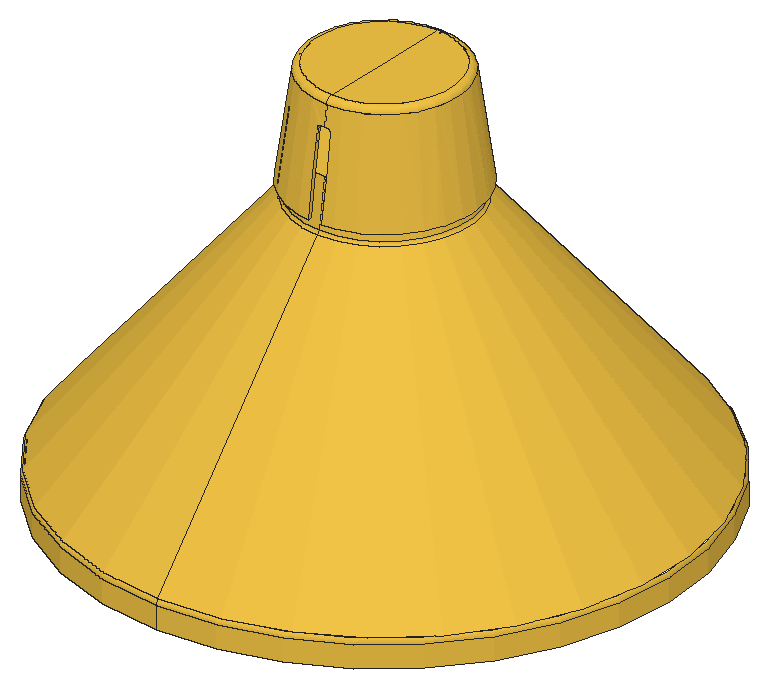
Revit family "Lighting_Pendants_Zero_Daikanyama_Wire", category Lighting Fixtures, Revit 2020
Family settings
  Round Connector Dimension = Use Diameter
  Part Type = Normal
  OmniClass Number = 23.80.70.00
  OmniClass Title = Lighting
  Work Plane-Based = No
  Always vertical = Yes
  Cut with Voids When Loaded = No
  Light Source = Yes
  Shared = No
  Room Calculation Point = No
Parameters (values of type "Daikanyama wire LED 10W/E27")
  Youtube clip = ""
  Weight Net (Kg) = "1.8"
  Wattage = 3.55455 W
  WarrantyStartDate [instance] = "n/a"
  WarrantyGuarantorParts = "n/a"
  WarrantyGuarantorLabor = "n/a"
  WarrantyDurationUnit = "Year"
  WarrantyDurationParts = "n/a"
  WarrantyDurationLabor = "n/a"
  WarrantyDescription = "n/a"
  built-in parameter 1150110 = 1 (stored number, unit not read)
  VersionDate = "31/08/2023"  # constant formula
  Version = "3"  # constant formula
  UsageCurrent = 0 A
  Uniformat II Description = ""
  Uniformat II Code = ""
  Uniclass2015Reference = "Pr_70_70_48_86"
  Uniclass2015Description = "Suspended luminaires"
  Uniclass2 = "Pr_70_70_49_86"
  Uniclass 2015 Name = ""
  Uniclass 2015 Code = ""
  Uniclass 2.0 Description = ""
  Uniclass 2.0 Code = ""
  Uniclass 1.4 Description = ""
  Uniclass 1.4 Code = ""
  URL = "https://www.zerolighting.com/daikanyamavajer-inompe/"
  UNSPSC Code = ""
  TotalWattage = 10 W
  built-in parameter 1114217 = 1 (stored number, unit not read)
  Tilt Angle = 90.00°
  built-in parameter 1150109 = 1 (stored number, unit not read)
  built-in parameter 1150134 = (empty or 0)
  Technical description = ""
  TagNumber [instance] = "n/a"
  SustainabilityPerformance = "n/a"
  built-in parameter 1150113 = 1 (stored number, unit not read)
  Size = "420x420x285 mm"
  Shape = "Cone"
  SerialNumber [instance] = "n/a"
  Revision = "5"  # constant formula
  ReplacementCost = "n/a"
  Region South America = "None"
  Region Oceania = "AU, NZ"
  Region North America = "BZ, CR, GT, HN, MX, NI, PA, SV, US"
  Region Middle East = "AE"
  Region Europe = "AD, AL, AT, AX, BA, BE, BG, BY, CH, CY, CZ, DE, DK, EE, ES, FI, FO, FR, GB, GG, GI, GR, HR, HU, IE, IM, IS, IT, JE, LI, LT, LU, LV, MC, MD, ME, MK, MT, NL, NO, PL, PT, RO, RS, RU, SE, SI, SJ, SK, SM, UA, VA"
  Region Asia = "HK, JP, SG"
  Region Antarctica = "None"
  Region Africa = "None"
  ProductInformation = "City has a wide range of applications: outdoor or indoor, enhancing retail environments, industries and public transport."
  Product group = "Wire pendant"
  Product family = "Daikanyama"
  Product certification = ""
  Product SKU = "Daikanyama_wire_mounted"
  Product Guid = "5e226d7e-beeb-4c45-8ee8-a3509d146118"
  Photometric Web File = "Daikanyama8265_IES.IES"
  PhaseReference = "n/a"
  PhaseAngle = 0.00°
  OmniClass Description = ""
  OmniClass Code = ""
  NumberOfSources = 0
  NumberOfPoles = 1
  Note = "Article numbers change according shade colors.XX = -01 White, -06 Black, -07 Red, -14 Yellow, -41 Orange."
  NominalVoltageCalc = 0 V
  NominalVoltage = 230 V
  NominalRadius = 210 mm
  NominalLength = 420 mm
  NominalFrequencyRange = 50 Hz
  NominalDiameter = 420 mm
  NominalCurrent = 0 A
  Nominal width = 420 mm
  Nominal height = 285 mm
  Name = "Zero_Daikanyama_Wire"  # constant formula
  NBSReference = "90-60-50/405"
  NBSDescription = "General purpose luminaires"
  NBS Reference Description = ""
  NBS Reference Code = ""
  ModelReference = "n/a"
  ModelNumber = "8265-1-XX"
  Model = "Daikanyama wire LED 10W/E27"
  Material secondary = "Glass"
  Material main = "Aluminium"
  Material = "Metal and glass"
  Masterformat 2014 Description = ""
  Masterformat 2014 Code = ""
  ManufacturersSpecificInformation = "n/a"
  ManufacturerURL = "https://www.zerolighting.com/"
  ManufacturerName = "Zero"
  Manufacturer name = "ZERO"
  Manufacturer country = "Sweden"
  Manufacturer = "Zero"
  MaintenanceFactor = 0
  Lumens = 528 lm
  built-in parameter 1150115 = 1 (stored number, unit not read)
  built-in parameter 1150105 = 42.017 (stored number, unit not read)
  LightFixturePlacingType = "Other"
  LightFixtureMountingType = "Suspended"
  LightFixtureMainMaterial [instance] = Yellow RAL 1023
  built-in parameter 1150137 = (empty or 0)
  built-in parameter 1150139 = (empty or 0)
  LensMaterial = Glass, Frosted
  built-in parameter 1150112 = 1 (stored number, unit not read)
  built-in parameter 1150114 = 1 (stored number, unit not read)
  InsulationStandardClass = "n/a"
  InstallationDate [instance] = "n/a"
  Installation instructions = ""
  built-in parameter 1150132 = 2
  built-in parameter 1150102 = (empty or 0)
  built-in parameter 1150138 = (empty or 0)
  built-in parameter 1150107 = 3000 (stored number, unit not read)
  built-in parameter 1150106 = 0.42017 (stored number, unit not read)
  IfcExportType = "NOTDEFINED"  # constant formula
  IfcExportAs = "IfcLightFixtureType"  # constant formula
  IP_Code = "IP20"
  IFC Classification = ""
  HasProtectiveEarth = no
  Grade = "n/a"
  GTIN code = ""
  Finish = "Painted aluminium. Diffuser in opal glass."
  Features = "Terminal block 5x4mm2. Excluding cable. Double conduit entry."
  ExpectedLife = "n/a"
  ElectricalDeviceNominalPower = 0
  built-in parameter 1150104 = 13.8 (stored number, unit not read)
  Edition number = 1
  EANNumber = "n/a"
  DurationUnit = "Year"
  Dimming Lamp Color Temperature Shift = <None>
  Designer = "Thomas Bernstrand"
  Design country = "Sweden"
  Description = ""
  DefaultElevation = 0 mm
  Default Elevation = 0 mm
  Date of publishing = ""
  Constituents = "Wire, turnbuckle, French screw, wire-lock."
  Color Filter = 16777215
  Color = "Black, orange, red, white or yellow"
  Collection = "Daikanyama"
  CodePerformance = "n/a"
  Category = "Wire"
  COBIe Type Category = ""
  Brand url = "http://www.zero.se"
  Brand = "Zero"
  Barcode [instance] = "n/a"
  built-in parameter 1114218 = 1 (stored number, unit not read)
  BIMObjectName = "Lighting_Pendants_Zero_Daikanyama_Wire"  # constant formula
  Author = "BIMstone"  # constant formula
  built-in parameter 1150133 = 10 (stored number, unit not read)
  AssetType = "Fixed"
  AssetIdentifier [instance] = "n/a"
  ArticleNumber = "8265-1-XX"
  AccessibilityPerformance = "n/a"
Types (2, lengths in mm): name | TotalWattage | ModelNumber | Model | ArticleNumber
  Daikanyama wire E27/Max 42W | 42 W | "8252-1-XX" | "Daikanyama wire E27/Max 42W" | "8252-1-XX"
  Daikanyama wire LED 10W/E27 | 10 W | "8265-1-XX" | "Daikanyama wire LED 10W/E27" | "8265-1-XX"
Reference planes
  plane 1 "Light Source Axis (F/B)": y = 0
  plane 2: z = 0
  plane 3 "Light Source Axis (L/R)": x = 0
  plane 4 "Light Source Elevation": z = 120
  plane 5: y = 210
  plane 6: y = -210
  plane 7: x = 210
  plane 8: x = -210
  plane 9: z = 285
Forms (mm)
  Extrusion 1, solid, material "Yellow RAL 1023" <- "LightFixtureMainMaterial", detail levels coarse
    sketch origin (0, 0, 0) x (1, 0, 0) y (0, 1, 0)
      loop
        line (-210, -210) -> (210, -210) -> (210, 210) -> (-210, 210) -> (-210, -210)
    from 0 to 285
Dimensions and locks
  equal spacing: plane 8, plane 3 "Light Source Axis (L/R)", plane 7
  "NominalLength": plane 8 to plane 7
  equal spacing: plane 5, plane 1 "Light Source Axis (F/B)", plane 6
  plane 5 to plane 6 = 420 mm
  plane 9 to level = 285 mm
  aligned and locked: plane 3 "Light Source Axis (L/R)" to imposter light
  aligned and locked: plane 1 "Light Source Axis (F/B)" to imposter light
  aligned and locked: plane 4 "Light Source Elevation" to imposter light
  aligned and locked: level to plane 2
  aligned and locked: plane 9 to Extrusion 1
  aligned and locked: Extrusion 1 to level
Automatic sketch dimensions
  Extrusion 1 sketch curve to plane 5 = 0 mm
  Extrusion 1 sketch curve to plane 8 = 0 mm
  Extrusion 1 sketch curve to plane 7 = 0 mm
  Extrusion 1 sketch curve to plane 6 = 0 mm
Nested families
  nested 1: "Daikanyama-wire" at (0, 0, 0), Material1 <- "LightFixtureMainMaterial", Material2 <- "LensMaterial", type "Daikanyama-wire"
    with Material2 Glass, Frosted, Material1 Yellow RAL 1023
Connectors
  electrical at (0, -1.432, 249.86), driven by "NominalVoltage"
    settings: on nested 1, index 1, voltage 230 V, apparent load 0 VA, apparent load phase1 0 VA, apparent load phase2 0 VA, apparent load phase3 0 VA, power factor 1, load classification "Other", number of poles 1, system type 31, power factor state 1, is connector primary yes, connector utility no, sub classification motor no, connector description ""
Definition of nested family "Daikanyama-wire"
  Parameters (values of type "Daikanyama-wire")
    Material2 [instance] = none
    Material1 [instance] = none
    Default Elevation = 0 mm
  Reference planes
    plane 1 "Center (Front/Back)": y = 0
    plane 2: z = 0
    plane 3 "Center (Left/Right)": x = 0
  Forms (mm)
    Revolve 1, solid, material <- "Material1", detail levels medium+fine
      sketch origin (0, 0, 0) x (0, 1, 0) y (0, 0, 1)
        loop
          line (0, 232.816) -> (0, 230.816) -> (54.087, 230.816) -> (58.623, 199.361)
          arc (58.623, 199.361) -> (59.2, 197.37) -> (60.299, 195.613) r 7.501
          line (60.299, 195.613) -> (208.562, 18.718)
          arc (208.562, 18.718) -> (209.258, 17.512) -> (209.499, 16.141) r 4.012
          line (209.499, 16.141) -> (209.5, 0) -> (211.5, 0) -> (211.499, 16.141)
          arc (211.499, 16.141) -> (211.137, 18.195) -> (210.095, 20.002) r 6.012
          line (210.095, 20.002) -> (61.832, 196.898)
          arc (61.832, 196.898) -> (61.026, 198.187) -> (60.603, 199.647) r 5.501
          line (60.603, 199.647) -> (55.819, 232.816) -> (0, 232.816)
        axis (0, 0) -> (0, 232.816)
      angle from 0 to 360
    Revolve 2, solid, material <- "Material1", detail levels medium+fine
      sketch origin (0, 0, -33.833) x (0, 1, 0) y (0, 0, 1)
        loop
          line (62.319, 240.287) -> (64.338, 240.287) -> (54.085, 313.976)
          arc (54.085, 313.976) -> (52.416, 317.058) -> (49.133, 318.287) r 5
          line (49.133, 318.287) -> (0, 318.287) -> (0, 316.287) -> (49.133, 316.287)
          arc (49.133, 316.287) -> (51.102, 315.55) -> (52.104, 313.7) r 3
          line (52.104, 313.7) -> (62.319, 240.287)
        axis (0, 318.287) -> (0, 240.287)
      angle from 0 to 360
    Revolve 3, solid, material <- "Material2", detail levels medium+fine
      sketch origin (0, 0, 0) x (0, 1, 0) y (0, 0, 1)
        loop
          line (0, 216.454) -> (0, 14.87)
          arc (0, 14.87) -> (55.873, 39.746) -> (78.785, 96.454) r 81.634
          line (78.785, 96.454) -> (78.785, 116.454) -> (56.626, 116.454) -> (56.626, 216.454) -> (0, 216.454)
        axis (0, 216.454) -> (0, 14.87)
      angle from 0 to 360
    Extrusion 4, void
      sketch origin (0, 0, 0) x (1, 0, 0) y (0, 0, 1)
        loop
          line (0, 266.454) -> (-1.972, 266.454)
          arc (-1.972, 266.454) -> (-4.113, 265.567) -> (-5, 263.426) r 3.028
          line (-5, 263.426) -> (-5, 206.454) -> (0, 206.454) -> (5, 206.454) -> (5, 263.426)
          arc (5, 263.426) -> (4.113, 265.567) -> (1.972, 266.454) r 3.028
          line (1.972, 266.454) -> (0, 266.454)
      from -205.965 to 250
    Extrusion 5, solid, detail levels fine
      sketch origin (0, 0, 0) x (1, 0, 0) y (0, 0, 1)
        loop
          circle (0, 249.86) r 0.5
      from 0 to 1.432
  Cuts and joins
    Extrusion 4 cuts Revolve 2
  Lines and regions (mm)
    symbolic lines, detail levels medium+fine
      curve 1: circle (0, 0, 0) r 211.501 normal (0, 0, 1)
      curve 12: line (49, 0, 284.527) -> (-49, 0, 284.527)
      curve 13: arc (-49, 0, 284.527) -> (-52.711, 0, 282.99) -> (-54.248, 0, 279.279) r 5.248
      curve 14: line (-54.248, 0, 279.279) -> (-64.338, 0, 206.454)
      curve 15: line (-64.338, 0, 206.454) -> (-59.613, 0, 206.454)
      curve 16: line (-59.613, 0, 206.454) -> (-60.514, 0, 200.423)
      curve 17: arc (-60.514, 0, 200.423) -> (-61.09, 0, 198.38) -> (-62.159, 0, 196.547) r 8.409
      curve 18: line (-62.159, 0, 196.547) -> (-210.001, 0, 20.357)
      curve 19: arc (-210.001, 0, 20.357) -> (-211.235, 0, 18.129) -> (-211.546, 0, 15.602) r 6.674
      curve 20: line (-211.546, 0, 15.602) -> (-211.546, 0, 0)
      curve 21: line (-211.546, 0, 0) -> (0, 0, 0)
      curve 22: arc (49, 0, 284.527) -> (52.711, 0, 282.99) -> (54.248, 0, 279.279) r 5.248
      curve 23: line (54.248, 0, 279.279) -> (64.338, 0, 206.454)
      curve 24: line (64.338, 0, 206.454) -> (59.613, 0, 206.454)
      curve 25: line (59.613, 0, 206.454) -> (60.514, 0, 200.423)
      curve 26: arc (60.514, 0, 200.423) -> (61.09, 0, 198.38) -> (62.159, 0, 196.547) r 8.409
      curve 27: line (62.159, 0, 196.547) -> (210.001, 0, 20.357)
      curve 28: arc (210.001, 0, 20.357) -> (211.235, 0, 18.129) -> (211.546, 0, 15.602) r 6.674
      curve 29: line (211.546, 0, 15.602) -> (211.546, 0, 0)
      curve 30: line (211.546, 0, 0) -> (0, 0, 0)
      curve 39: line (0, 4, 284.476) -> (0, 49, 284.476)
      curve 40: arc (0, 49, 284.476) -> (0, 52.636, 282.97) -> (0, 54.142, 279.334) r 5.142
      curve 41: line (0, 54.142, 279.334) -> (0, 64.338, 206.416)
      curve 42: line (0, 64.338, 206.416) -> (0, 59.614, 206.416)
      curve 43: line (0, 59.614, 206.416) -> (0, 60.588, 199.823)
      curve 44: arc (0, 60.588, 199.823) -> (0, 61.029, 198.254) -> (0, 61.851, 196.847) r 6.411
      curve 45: line (0, 61.851, 196.847) -> (0, 210.048, 20.016)
      curve 46: arc (0, 210.048, 20.016) -> (0, 211.166, 18.038) -> (0, 211.503, 15.792) r 6.243
      curve 47: line (0, 211.503, 15.792) -> (0, 211.503, 0)
      curve 48: line (0, 211.503, 0) -> (0, 0, 0)
      curve 49: line (0, -4, 284.476) -> (0, -49, 284.476)
      curve 50: arc (0, -49, 284.476) -> (0, -52.636, 282.97) -> (0, -54.142, 279.334) r 5.142
      curve 51: line (0, -54.142, 279.334) -> (0, -64.338, 206.416)
      curve 52: line (0, -64.338, 206.416) -> (0, -59.614, 206.416)
      curve 53: line (0, -59.614, 206.416) -> (0, -60.588, 199.823)
      curve 54: arc (0, -60.588, 199.823) -> (0, -61.029, 198.254) -> (0, -61.851, 196.847) r 6.411
      curve 55: line (0, -61.851, 196.847) -> (0, -210.048, 20.016)
      curve 56: arc (0, -210.048, 20.016) -> (0, -211.166, 18.038) -> (0, -211.503, 15.792) r 6.243
      curve 57: line (0, -211.503, 15.792) -> (0, -211.503, 0)
      curve 58: line (0, -211.503, 0) -> (0, 0, 0)
      curve 61: line (0, 4, 284.476) -> (0, -4, 284.476)
    symbolic lines, detail levels fine
      curve 2: line (5, 56.189, 0) -> (5, 64.144, 0)
      curve 3: line (5, 56.189, 0) -> (0, 56.189, 0)
      curve 4: line (-5, 56.189, 0) -> (-5, 64.144, 0)
      curve 5: line (-5, 56.189, 0) -> (0, 56.189, 0)
      curve 6: line (5, -56.189, 0) -> (5, -64.144, 0)
      curve 7: line (5, -56.189, 0) -> (0, -56.189, 0)
      curve 8: line (-5, -56.189, 0) -> (-5, -64.144, 0)
      curve 9: line (-5, -56.189, 0) -> (0, -56.189, 0)
      curve 10: arc (5, -64.144, 0) -> (64.338, 0, 0) -> (5, 64.144, 0) r 64.338
      curve 11: arc (-5, 64.144, 0) -> (-64.338, 0, 0) -> (-5, -64.144, 0) r 64.338
      curve 31: line (-59.613, 0, 206.454) -> (59.613, 0, 206.454)
      curve 32: line (-5, 0, 206.454) -> (-5, 0, 263.426)
      curve 33: arc (-1.972, 0, 266.454) -> (-4.113, 0, 265.567) -> (-5, 0, 263.426) r 3.028
      curve 34: line (0, 0, 266.454) -> (-1.972, 0, 266.454)
      curve 35: line (5, 0, 206.454) -> (5, 0, 263.426)
      curve 36: arc (1.972, 0, 266.454) -> (4.113, 0, 265.567) -> (5, 0, 263.426) r 3.028
      curve 37: line (0, 0, 266.454) -> (1.972, 0, 266.454)
      curve 38: line (-5, 0, 232.816) -> (5, 0, 232.816)
      curve 59: line (0, 59.614, 206.416) -> (0, 0, 206.416)
      curve 60: line (0, -59.614, 206.416) -> (0, 0, 206.416)
  Dimensions and locks
    aligned and locked: level to plane 2
